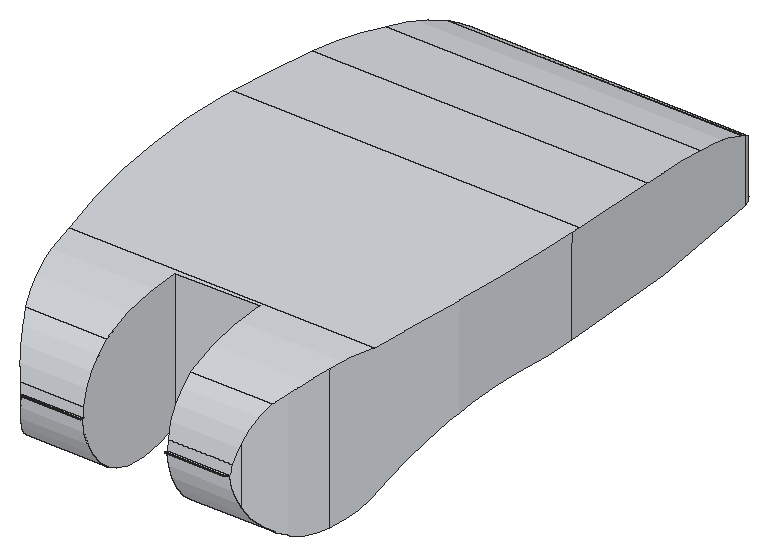
Revit family "Lighting-StreetLighting-GEWISS-STREET[O3]-LED_OPTIC_ST1", category Apparecchi per illuminazione, Revit 2019
Family settings
  Quota connettore circolare = Usa diametro
  Tipo di parte = Normale
  Numero OmniClass = 23.80.70.14.21
  Titolo OmniClass = Street and Roadway Lighting
  Basato su piano di lavoro = No
  Sempre verticale = Sì
  Taglio con vuoti quando caricato = No
  Sorgente d'illuminazione = No
  Condiviso = No
  Punto di calcolo locali = No
Parameters (values of type "GW87411V - STREET LED 2M 4000K 700mA STREET")
  Working temperature = ""
  Weight (kg): = "9,09999999999999"
  Weight (kg) = ""
  Warranty = "5 years"
  Voltaggio = 230 V
  Voltage: = "220/240 V - 50/60 Hz"
  Voltage = "220/240 V - 50/60 Hz - Stand alone e/o Programmabile 5 Step"
  Visibility_label [instance] = yes
  Vetro = GEWISS - Led - lm 650 / Temp_3000_K
  Version type = ""
  Version file RFA = "20.11"
  URL = "https://www.gewiss.com/ww/en"
  Typology = "Programmable (5 step)"
  Tilt adjustable = "±20° bracket - 0°÷20° pole head"
  Technical sheet = "https://www.gewiss.com/ww/en/search?q=GW87411V"
  System power = "68W"
  Struttura = none
  Spostamento_Y_etichetta [instance] = 600 mm
  Spostamento_Y_effettivo_etichetta [instance] = 1500 mm - Spostamento_Y_etichetta  # 900 mm
  Spostamento_X_etichetta [instance] = 0 mm
  Spostamento_X_effettivo_etichetta [instance] = 1500 mm - Spostamento_X_etichetta  # 1500 mm
  Shock resistance = "IK08 BODY - IK06 LENS"
  SIMBOLO [instance] = yes
  SEO = "Street lighting"
  Risk photobiological = ""
  Realized by GEWISS S.p.A. = ""
  Produttore = "GEWISS S.p.A."
  Power supply operation = ""
  Photobiologic Risk = "RG1/RG2 @ 20cm"
  Optic = "ST1 - ULOR: 0%"
  Operating temperature: = "-25 +25 °C"
  Offset etichetta W [instance] = 75 mm
  Numero di poli = 2
  Number of modules = "2 (2x16 LED)"
  Nominal flux (lm) = "8050"
  No. Chorus modules = ""
  Modello = "GW87411V"
  Minimum distance from the illuminated object = "1M"
  Maximum surface exposed to the wind = "0,26M2"
  Material = ""
  Lumen output (lm) = "6760"
  Lampada = "LED"
  Lamp = "LED"
  L_staffa = 120 mm
  LED current = "700 mA"
  LED LifeTime (L80B20) = ""
  LED Life time (L90B20) = "50000H"
  LED Life time (L80B10) = "100000H"
  Insulation class = "II"
  Immagine tipo = GW87502.jpg
  IP degree = "IP66"
  IFC.TypeObject = ""
  IFC.ExportType = ""
  IFC.ExportAs = ""
  IDT = "a85e433dc89b4111a164f9b8ba35bb1e"
  IDF = "e1037118-10e4-4194-a64e-daf49fc1f628"
  Electrocod = "244C"
  ETICHETTA W [instance] = yes
  EAN code = ""
  Driver type = ""
  Descrizione = "STREET LED 2M 4000K 700mA STR"
  Commenti sul wattaggio = "68W"
  Colour temperature: = "4000 K (CRI>70)"
  Colour temperature = ""
  Colour = "Graphite/Aluminium"
  Catalogue Range = "STREET [O3]"
  Catalogue = "LIGHTING"
  Carico apparente = 68 VA
  COBie.Tagnumber = ""
  COBie.CreatedOn = ""
  COBie.CreatebBy = ""
  COBie.ComponentRegisterItemID = ""
  COBie.Component.TagNumber = ""
  COBie.Component.Space = ""
  COBie.Component.SerialNumber = ""
  COBie.Component.InstallationDate = ""
  COBie.Component.Description = ""
  COBie.Component.BarCode = ""
  BIDIMENSIONALE [instance] = not(SIMBOLO)  # no
  Application = "External"
  Altezza da terra testa staffa = 821.938 mm
Types (16, lengths in mm): name | Working temperature | Weight (kg): | Weight (kg) | Voltage | Typology | Technical sheet | System power | Risk photobiological | Power supply operation | Operating temperature: | Number of modules | Nominal flux (lm) | No. Chorus modules | Modello | Material | Lumen output (lm) | LED current | LED LifeTime (L80B20) | IDT | Electrocod | EAN code | Driver type | Descrizione | Commenti sul wattaggio | Colour temperature: | Colour temperature | Carico apparente
  (no name) | "-25 +25 °C" | "9,09999999999999" | "9,1" | "220/240 V - 50/60 Hz - Stand alone e/o Programmabile 5 Step" | "Programmable (5 step)" | "https://www.gewiss.com/ww/en/search?q=GW87411V" | "68W" | "RG1/RG2 @ 20cm" | "Bi power" | "-25 +25 °C" | "2 (2x16 LED)" | "8050" | "2 (2x16 LED)" | "GW87411V" | "Die-cast  aluminium" | "6760" | "700 mA" | "50000H" | "a85e433dc89b4111a164f9b8ba35bb1e" | "244C" | "8011564782914" | "Constant Current Driver Led" | "STREET LED 2M 4000K 700mA STR" | "37W" | "4000 K (CRI>70)" | "4000 K (CRI 70)" | 37 VA
  GW87530 - STREET LED BIREG.1M 4000K 550mA STR | "-25 +25 °C" | "8,5" | "8,5" | "220/240 V - 50/60 Hz - Bi-power with self-learning" | "" | "https://www.gewiss.com/ww/en/search?q=GW87530" | "31W" | "RG1/RG2 @ 20cm" | "Bi power" | "-25 +50 °C" | "1 (1x16 LED)" | "3610" | "1 (1x16 LED)" | "GW87530" | "Die-cast  aluminium" | "3030" | "530mA" | "50000H" | "704c80bb-b6b1-4580-93a7-8014a14138ec" | "244C" | "8011564804661" | "Constant Current Driver Led" | "STREET LED BI-PO. 1M 4000K 530mA STREET" | "31W" | "4000 K (CRI 70)" | "4000 K (CRI 70)" | 31 VA
  GW87531 - STREET LED BIREG.2M 4000K 550mA STR | "-25 +25 °C" | "9,1" | "9,1" | "220/240 V - 50/60 Hz - Bi-power with self-learning" | "" | "https://www.gewiss.com/ww/en/search?q=GW87531" | "54W" | "RG1/RG2 @ 20cm" | "Bi power" | "-25 +50 °C" | "2 (2x16 LED)" | "7020" | "2 (2x16 LED)" | "GW87531" | "Die-cast  aluminium" | "5890" | "530mA" | "50000H" | "9a11030a-5ab3-402b-8889-b9f4a14935c7" | "244C" | "8011564782914" | "Constant Current Driver Led" | "STREET LED BI-PO. 2M 4000K 530mA STREET" | "54W" | "4000 K (CRI 70)" | "4000 K (CRI 70)" | 54 VA
  GW87532 - STREET LED BIREG.3M 4000K 550mA STR | "-25 +25 °C" | "9,7" | "9,7" | "220/240 V - 50/60 Hz - Bi-power with self-learning" | "" | "https://www.gewiss.com/ww/en/search?q=GW87532" | "81W" | "RG1/RG2 @ 20cm" | "Bi power" | "-25 +50 °C" | "3 (3x16 LED)" | "10230" | "3 (3x16 LED)" | "GW87532" | "Die-cast  aluminium" | "8590" | "530mA" | "50000H" | "278f9625-eee6-4d1e-a7bb-31f49519e349" | "244C" | "8011564782921" | "Constant Current Driver Led" | "STREET LED BI-PO. 3M 4000K 530mA STREET" | "81W" | "4000 K (CRI 70)" | "4000 K (CRI 70)" | 81 VA
  GW87533 - STREET LED BIREG.4M 4000K 550mA STR | "-25 +25 °C" | "10,3" | "10,3" | "220/240 V - 50/60 Hz - Bi-power with self-learning" | "" | "https://www.gewiss.com/ww/en/search?q=GW87533" | "105W" | "RG1/RG2 @ 20cm" | "Bi power" | "-25 +50 °C" | "4 (4x16 LED)" | "13400" | "4 (4x16 LED)" | "GW87533" | "Die-cast  aluminium" | "11240" | "530mA" | "50000H" | "94c99bd3-8b41-4316-9f3a-5cd711bbe9f5" | "244C" | "8011564782938" | "Constant Current Driver Led" | "STREET LED BI-PO. 4M 4000K 530mA STREET" | "105W" | "4000 K (CRI 70)" | "4000 K (CRI 70)" | 105 VA
  GW87534 - STREET LED BIREG.5M 4000K 550mA STR | "-25 +25 °C" | "10,9" | "10,9" | "220/240 V - 50/60 Hz - Bi-power with self-learning" | "" | "https://www.gewiss.com/ww/en/search?q=GW87534" | "129W" | "RG1/RG2 @ 20cm" | "Bi power" | "-25 +40 °C" | "5 (5x16 LED)" | "16530" | "5 (5x16 LED)" | "GW87534" | "Die-cast  aluminium" | "13870" | "530mA" | "50000H" | "176caa3e-8e54-4dcd-abaf-3690fde333e9" | "244B" | "8011564782945" | "Constant Current Driver Led" | "STREET LED BI-PO. 5M 4000K 530mA STREET" | "129W" | "4000 K (CRI 70)" | "4000 K (CRI 70)" | 129 VA
  GW87410 - STREET LED 1M 4000K 700mA STREET | "-25 +25 °C" | "8,5" | "8,5" | "220/240 V - 50/60 Hz - Stand alone and/or possibility of dimmer 1-10 V" | "Stand alone" | "https://www.gewiss.com/ww/en/search?q=GW87410" | "37W" | "RG1/RG2 @ 20cm" | "" | "-25 +50 °C" | "1 (1x16 LED)" | "4140" | "1 (1x16 LED)" | "GW87410" | "Die-cast  aluminium" | "3470" | "700 mA" | "50000H" | "0eb2ba41-76d6-4256-843c-fa334829364b" | "244C" | "8011564804654" | "Constant Current Driver Led" | "STREET LED 1M 4000K 700mA STREET" | "37W" | "4000 K (CRI 70)" | "4000 K (CRI 70)" | 37 VA
  GW87411 - STREET LED 2M 4000K 700mA STREET | "-25 +25 °C" | "9,1" | "9,1" | "220/240 V - 50/60 Hz - Stand alone and/or possibility of dimmer 1-10 V" | "Stand alone" | "https://www.gewiss.com/ww/en/search?q=GW87411" | "68W" | "RG1/RG2 @ 20cm" | "" | "-25 +35 °C" | "2 (2x16 LED)" | "8050" | "2 (2x16 LED)" | "GW87411" | "Die-cast  aluminium" | "6760" | "700 mA" | "50000H" | "0d20ab1e-f7dd-4fe1-9e01-046372c4d712" | "244C" | "8011564804647" | "Constant Current Driver Led" | "STREET LED 2M 4000K 700mA STREET" | "68W" | "4000 K (CRI 70)" | "4000 K (CRI 70)" | 68 VA
  GW87412 - STREET LED 3M 4000K 700mA STREET | "-25 +25 °C" | "9,6" | "9,6" | "220/240 V - 50/60 Hz - Stand alone and/or possibility of dimmer 1-10 V" | "Stand alone" | "https://www.gewiss.com/ww/en/search?q=GW87412" | "99W" | "RG1/RG2 @ 20cm" | "" | "-25 +40 °C" | "3 (3x16 LED)" | "11740" | "3 (3x16 LED)" | "GW87412" | "Die-cast  aluminium" | "9860" | "700 mA" | "50000H" | "73ff2801-7b42-4ad3-a3e2-88e1cd993855" | "244C" | "8011564804630" | "Constant Current Driver Led" | "STREET LED 3M 4000K 700mA STREET" | "99W" | "4000 K (CRI 70)" | "4000 K (CRI 70)" | 99 VA
  GW87413 - STREET LED 4M 4000K 700mA STR. | "-25 +25 °C" | "10,3" | "10,3" | "220/240 V - 50/60 Hz - Stand alone and/or possibility of dimmer 1-10 V" | "Stand alone" | "https://www.gewiss.com/ww/en/search?q=GW87413" | "131W" | "RG1/RG2 @ 20cm" | "" | "-25 +35 °C" | "4 (4x16 LED)" | "15370" | "4 (4x16 LED)" | "GW87413" | "Die-cast  aluminium" | "12900" | "700 mA" | "50000H" | "240ae926-2cb6-4c2c-8d22-a09bd239b26e" | "244C" | "8011564830615" | "Constant Current Driver Led" | "STREET LED 4M 4000K 700mA STR." | "131W" | "4000 K (CRI 70)" | "4000 K (CRI 70)" | 131 VA
  GW87414 - STREET ST1 5M 4000K 550mA 220/240 | "-25 +25 °C" | "10,9" | "10,9" | "220/240 V - 50/60 Hz - Stand alone and/or possibility of dimmer 1-10 V" | "Stand alone" | "https://www.gewiss.com/ww/en/search?q=GW87414" | "127W" | "RG1/RG2 @ 20cm" | "" | "-25 +40 °C" | "5 (5x16 LED)" | "16360" | "5 (5x16 LED)" | "GW87414" | "Die-cast  aluminium" | "13740" | "550 mA" | "50000H" | "37fd025e-5d5a-4c23-a839-8a1c9a211543" | "244C" | "8011564863125" | "Constant Current Driver Led" | "STREET ST1 5M 4000K 550mA 220/240" | "127W" | "4000 K (CRI 70)" | "4000 K (CRI 70)" | 127 VA
  GW87410V - STREET LED 1M 4000K 700mA STREET | "" | "8,5" | "" | "220/240 V - 50/60 Hz - Stand alone e/o Programmabile 5 Step" | "Programmable (5 step)" | "https://www.gewiss.com/ww/en/search?q=GW87410V" | "37W" | "" | "" | "-25 +25 °C" | "1 (1x16 LED)" | "4140" | "" | "GW87410V" | "" | "3470" | "700 mA" | "" | "2378d62602804177b999c8f8baab7c78" | "244C" | "" | "" | "STREET LED 1M 4000K 700mA STR" | "37W" | "4000 K (CRI>70)" | "" | 37 VA
  GW87411V - STREET LED 2M 4000K 700mA STREET | "" | "9,09999999999999" | "" | "220/240 V - 50/60 Hz - Stand alone e/o Programmabile 5 Step" | "Programmable (5 step)" | "https://www.gewiss.com/ww/en/search?q=GW87411V" | "68W" | "" | "" | "-25 +25 °C" | "2 (2x16 LED)" | "8050" | "" | "GW87411V" | "" | "6760" | "700 mA" | "" | "a85e433dc89b4111a164f9b8ba35bb1e" | "244C" | "" | "" | "STREET LED 2M 4000K 700mA STR" | "68W" | "4000 K (CRI>70)" | "" | 68 VA
  GW87412V - STREET LED 3M 4000K 700mA STREET | "" | "9,59999999999999" | "" | "220/240 V - 50/60 Hz - Stand alone e/o Programmabile 5 Step" | "Programmable (5 step)" | "https://www.gewiss.com/ww/en/search?q=GW87412V" | "99W" | "" | "" | "-25 +25 °C" | "3 (3x16 LED)" | "11740" | "" | "GW87412V" | "" | "9860" | "700 mA" | "" | "115337da7f8f4d398b2e44fcb901f182" | "244C" | "" | "" | "STREET LED 3M 4000K 700mA STR" | "99W" | "4000 K (CRI>70)" | "" | 99 VA
  GW87413V - STREET LED 4M 4000K 700mA STR. | "" | "10,3" | "" | "220/240 V - 50/60 Hz - Stand alone e/o Programmabile 5 Step" | "Programmable (5 step)" | "https://www.gewiss.com/ww/en/search?q=GW87413V" | "131W" | "" | "" | "-25 +25 °C" | "4 (4x16 LED)" | "15370" | "" | "GW87413V" | "" | "12900" | "700 mA" | "" | "fcd9e29dd29e487688c755e1d68e04a9" | "244C" | "" | "" | "STREET LED 4M 4000K 700mA STR" | "131W" | "4000 K (CRI>70)" | "" | 131 VA
  GW87414V - STREET ST1 5M 4000K 550mA 220/240 | "" | "10,9" | "" | "220/240 V - 50/60 Hz - Stand alone e/o Programmabile 5 Step" | "Programmable (5 step)" | "https://www.gewiss.com/ww/en/search?q=GW87414V" | "127W" | "" | "" | "-25 +25 °C" | "5 (5x16 LED)" | "16360" | "" | "GW87414V" | "" | "13740" | "550 mA" | "" | "3daa950108c94e159b9382b51b9fedeb" | "244C" | "" | "" | "STREET ST1 5M 4000K 550mA 220/240" | "127W" | "4000 K (CRI>70)" | "" | 127 VA
Reference planes
  plane 1 "Centro (Fronte/Retro)": y = 0
  plane 2: z = 0
  plane 3 "Centro (Sinistra/Destra)": x = 0
  plane 4: z = -92
  plane 5: z = 169
  plane 6: z = 144
  plane 7: z = -3
  plane 8: y = 419.266
  plane 9: x = -1500
  plane 10: y = -319.205
  plane 11: y = 1180.795
  plane 12: x = 0
  plane 13: y = 580.795
Forms (mm)
  Extrusion 1, solid, material <- "Struttura"
    sketch origin (0, -69.915, 0) x (1, 0, 0) y (0, 1, 0)
      loop
        arc (-148.369, 708.85) -> (-161.088, 701.122) -> (-167.86, 687.87) r 27.287
        arc (-167.86, 687.87) -> (-190.309, 543.599) -> (-200.613, 397.956) r 1744.28
        arc (-200.613, 397.956) -> (-193.473, 245.187) -> (-163.443, 95.229) r 1014.191
        arc (-163.443, 95.229) -> (-148.364, 53.068) -> (-127.521, 13.439) r 318.465
        arc (-127.521, 13.439) -> (-121.67, 6.813) -> (-113.954, 2.501) r 26.295
        line (-113.954, 2.501) -> (-49.198, 2.501) -> (-49.198, 137.329) -> (47.802, 138.583) -> (47.802, 2.502) -> (113.955, 2.502)
        arc (113.955, 2.502) -> (121.67, 6.814) -> (127.521, 13.439) r 26.295
        arc (127.521, 13.439) -> (148.364, 53.068) -> (163.443, 95.229) r 318.465
        arc (163.443, 95.229) -> (193.473, 245.187) -> (200.613, 397.956) r 1014.191
        arc (200.613, 397.956) -> (190.309, 543.599) -> (167.86, 687.87) r 1744.28
        arc (167.86, 687.87) -> (160.933, 701.288) -> (147.93, 708.968) r 27.287
        arc (147.93, 708.968) -> (-0.228, 728.984) -> (-148.369, 708.85) r 556.679
    from -91.532 to 144
  Extrusion 2, void
    sketch origin (0, -72.415, -1095.365) x (0, 1, 0) y (0, 0, 1)
      loop
        line (688.634, 1095.364) -> (323.86, 1095.365)
        arc (323.86, 1095.365) -> (263.459, 1089.221) -> (205.531, 1071.043) r 299.999
        arc (205.531, 1071.043) -> (173.188, 1054.998) -> (142.802, 1035.498) r 328.156
        arc (142.802, 1035.498) -> (108.513, 1022.814) -> (71.972, 1021.648) r 113.881
        arc (71.972, 1021.648) -> (26.51, 1048.717) -> (8.217, 1098.365) r 79.247
        line (8.217, 1098.365) -> (5.002, 1098.365) -> (5.002, 1003.832) -> (731.484, 1003.832) -> (731.484, 1129.989)
        arc (731.484, 1129.989) -> (729.037, 1130.708) -> (726.583, 1131.409) r 350.56
        arc (726.583, 1131.409) -> (714.803, 1105.812) -> (688.634, 1095.364) r 38
    from -250.415 to 250
  Extrusion 3, void
    sketch origin (0, -72.415, -1094.912) x (0, 1, 0) y (0, 0, 1)
      loop
        line (683.93, 1169.668) -> (687.592, 1167.887)
        arc (687.592, 1167.887) -> (717.132, 1148.356) -> (740.002, 1121.318) r 124.886
        line (740.002, 1121.318) -> (740.002, 1263.912) -> (5.002, 1263.912) -> (5.002, 1098.863) -> (8.572, 1098.863)
        arc (8.572, 1098.863) -> (9.034, 1104.506) -> (9.836, 1110.111) r 93.455
        arc (9.836, 1110.111) -> (20.97, 1140.802) -> (41.983, 1165.79) r 93.455
        arc (41.983, 1165.79) -> (92.961, 1183.825) -> (146.686, 1189.963) r 239.488
        arc (146.686, 1189.963) -> (279.294, 1202.642) -> (412.472, 1205.668) r 1835.264
        arc (412.472, 1205.668) -> (465.948, 1204.556) -> (519.402, 1202.672) r 3708.846
        arc (519.402, 1202.672) -> (564.806, 1199.024) -> (609.805, 1191.96) r 603.307
        arc (609.805, 1191.96) -> (647.763, 1183.793) -> (683.93, 1169.668) r 242.275
    from -220.356 to 250
  Extrusion 4, void
    sketch origin (0, -72.415, 1095.365) x (0, -1, 0) y (1, 0, 0)
      loop
        arc (-616.943, -129.057) -> (-510.953, -137.961) -> (-405.191, -126.663) r 559.959
        arc (-405.191, -126.663) -> (-399.103, -123.067) -> (-396.665, -116.429) r 10.527
        line (-396.665, -116.429) -> (-396.665, 116.23)
        arc (-396.665, 116.23) -> (-399.043, 122.98) -> (-405.188, 126.649) r 10.526
        arc (-405.188, 126.649) -> (-510.973, 137.948) -> (-616.987, 129.035) r 559.959
        arc (-616.987, 129.035) -> (-623.275, 125.395) -> (-625.707, 118.549) r 10.526
        line (-625.707, 118.549) -> (-625.707, -0.007) -> (-625.707, -118.579)
        arc (-625.707, -118.579) -> (-623.256, -125.432) -> (-616.943, -129.057) r 10.527
    from -1098.365 to -1095.365
  Extrusion 5, solid, material "GEWISS - Led - lm 650 / Temp_3000_K" <- "Vetro"
    sketch origin (0, 0, 1095.365) x (0, -1, 0) y (1, 0, 0)
      loop
        arc (-616.943, -129.057) -> (-510.953, -137.961) -> (-405.191, -126.663) r 559.959
        arc (-405.191, -126.663) -> (-399.103, -123.067) -> (-396.665, -116.429) r 10.527
        line (-396.665, -116.429) -> (-396.665, 116.23)
        arc (-396.665, 116.23) -> (-399.043, 122.98) -> (-405.188, 126.649) r 10.526
        arc (-405.188, 126.649) -> (-510.973, 137.948) -> (-616.987, 129.035) r 559.959
        arc (-616.987, 129.035) -> (-623.275, 125.395) -> (-625.707, 118.549) r 10.526
        line (-625.707, 118.549) -> (-625.707, -0.007) -> (-625.707, -118.579)
        arc (-625.707, -118.579) -> (-623.256, -125.432) -> (-616.943, -129.057) r 10.527
    from -1098.365 to -1095.365
Cuts and joins
  Extrusion 2, Extrusion 3, Extrusion 4 cuts Extrusion 1
Lines and regions (mm)
  Masking region 1, visible <- "BIDIMENSIONALE"
    outline origin (0, -72.415, 0) x (1, 0, 0) y (0, 1, 0)
      loop
        arc (-163.443, 97.729) -> (-148.364, 55.568) -> (-127.521, 15.939) r 318.465
        arc (-127.521, 15.939) -> (-121.67, 9.313) -> (-113.954, 5.001) r 26.295
        line (-113.954, 5.001) -> (-49.198, 5.001) -> (-49.198, 139.829) -> (47.802, 139.829) -> (47.802, 5.002) -> (113.955, 5.002)
        arc (113.955, 5.002) -> (121.67, 9.314) -> (127.521, 15.939) r 26.295
        arc (127.521, 15.939) -> (148.364, 55.568) -> (163.443, 97.729) r 318.465
        arc (163.443, 97.729) -> (193.473, 247.687) -> (200.613, 400.456) r 1014.191
        arc (200.613, 400.456) -> (190.309, 546.099) -> (167.86, 690.37) r 1744.28
        arc (167.86, 690.37) -> (160.842, 703.703) -> (147.93, 711.468) r 27.998
        arc (147.93, 711.468) -> (-0.228, 731.484) -> (-148.369, 711.35) r 556.679
        arc (-148.369, 711.35) -> (-161.088, 703.622) -> (-167.86, 690.37) r 27.287
        arc (-167.86, 690.37) -> (-190.309, 546.099) -> (-200.613, 400.456) r 1744.28
        arc (-200.613, 400.456) -> (-193.473, 247.687) -> (-163.443, 97.729) r 1014.191
  Masking region 2
    outline origin (0, -72.545, -1094.686) x (0, 1, 0) y (0, 0, 1)
      loop
        arc (146.678, 1189.752) -> (92.968, 1183.62) -> (42.003, 1165.593) r 239.388
        arc (42.003, 1165.593) -> (17.129, 1133.1) -> (8.538, 1093.092) r 93.371
        arc (8.538, 1093.092) -> (28.285, 1046.725) -> (72.004, 1021.656) r 79.204
        arc (72.004, 1021.656) -> (108.532, 1022.824) -> (142.809, 1035.504) r 113.874
        arc (142.809, 1035.504) -> (173.192, 1055.002) -> (205.533, 1071.045) r 328.156
        arc (205.533, 1071.045) -> (263.46, 1089.224) -> (323.86, 1095.365) r 300
        line (323.86, 1095.365) -> (688.69, 1095.282)
        arc (688.69, 1095.282) -> (714.934, 1105.712) -> (726.783, 1131.346) r 38.09
        arc (726.783, 1131.346) -> (729.601, 1130.541) -> (732.412, 1129.712) r 350.561
        line (732.412, 1129.712) -> (732.412, 1132.115)
        arc (732.412, 1132.115) -> (711.661, 1152.795) -> (686.665, 1168.075) r 124.961
        arc (686.665, 1168.075) -> (649.207, 1183.125) -> (609.77, 1191.744) r 242.182
        arc (609.77, 1191.744) -> (564.763, 1198.81) -> (519.352, 1202.46) r 603.199
        arc (519.352, 1202.46) -> (465.907, 1204.343) -> (412.44, 1205.455) r 3708.739
        arc (412.44, 1205.455) -> (279.274, 1202.429) -> (146.678, 1189.752) r 1835.158
  Masking region 3
    outline origin (8.627, 0, -1134.912) x (1, 0, 0) y (0, 0, 1)
      loop
        line (192.476, 1238.912) -> (-209.73, 1238.912) -> (-209.73, 1128.94) -> (192.476, 1128.94) -> (192.476, 1238.912)
  Masking region 4
    outline origin (8.627, 0, -1134.912) x (1, 0, 0) y (0, 0, 1)
      loop
        line (40.177, 1054.764) -> (154.67, 1054.764)
        spline (154.67, 1054.764) -> (155.761, 1055.195) -> (156.835, 1055.768) -> (157.89, 1056.482) -> (158.925, 1057.336) -> (159.938, 1058.329) -> (160.929, 1059.461) -> (161.895, 1060.729) -> (162.837, 1062.133) -> (163.752, 1063.67) -> (164.64, 1065.338) -> (165.5, 1067.137) -> (166.33, 1069.062)
        spline (166.33, 1069.062) -> (167.462, 1072.523) -> (168.578, 1075.894) -> (169.677, 1079.177) -> (170.758, 1082.368) -> (171.821, 1085.469) -> (172.866, 1088.476) -> (173.892, 1091.39) -> (174.899, 1094.209) -> (175.887, 1096.933) -> (176.855, 1099.56) -> (177.804, 1102.09) -> (178.732, 1104.522)
        spline (178.732, 1104.522) -> (180.252, 1108.31) -> (181.691, 1111.791) -> (183.045, 1114.959) -> (184.314, 1117.812) -> (185.495, 1120.345) -> (186.588, 1122.556) -> (187.59, 1124.443) -> (188.502, 1126.002) -> (189.321, 1127.233) -> (190.048, 1128.133) -> (190.68, 1128.703) -> (191.218, 1128.94)
        line (191.218, 1128.94) -> (-208.472, 1128.94)
        spline (-208.472, 1128.94) -> (-207.934, 1128.703) -> (-207.302, 1128.133) -> (-206.576, 1127.233) -> (-205.756, 1126.002) -> (-204.845, 1124.443) -> (-203.842, 1122.556) -> (-202.749, 1120.345) -> (-201.568, 1117.812) -> (-200.299, 1114.959) -> (-198.945, 1111.791) -> (-197.507, 1108.31) -> (-195.986, 1104.522)
        spline (-195.986, 1104.522) -> (-195.058, 1102.09) -> (-194.11, 1099.56) -> (-193.141, 1096.933) -> (-192.154, 1094.209) -> (-191.146, 1091.39) -> (-190.12, 1088.476) -> (-189.075, 1085.469) -> (-188.012, 1082.368) -> (-186.931, 1079.177) -> (-185.833, 1075.894) -> (-184.717, 1072.523) -> (-183.584, 1069.062)
        spline (-183.584, 1069.062) -> (-182.754, 1067.137) -> (-181.894, 1065.338) -> (-181.006, 1063.67) -> (-180.091, 1062.133) -> (-179.149, 1060.729) -> (-178.183, 1059.461) -> (-177.192, 1058.329) -> (-176.179, 1057.336) -> (-175.144, 1056.482) -> (-174.09, 1055.768) -> (-173.016, 1055.195) -> (-171.924, 1054.764)
        line (-171.924, 1054.764) -> (-57.137, 1054.764)
        spline (-57.137, 1054.764) -> (-56.842, 1056.88) -> (-56.499, 1058.959) -> (-56.108, 1061.001) -> (-55.669, 1063.006) -> (-55.182, 1064.973) -> (-54.647, 1066.901) -> (-54.065, 1068.79) -> (-53.435, 1070.639) -> (-52.758, 1072.447) -> (-52.035, 1074.215) -> (-51.264, 1075.941) -> (-50.447, 1077.625)
        spline (-50.447, 1077.625) -> (-50.128, 1077.871) -> (-49.763, 1078.104) -> (-49.354, 1078.324) -> (-48.904, 1078.529) -> (-48.416, 1078.718) -> (-47.893, 1078.889) -> (-47.339, 1079.042) -> (-46.755, 1079.176) -> (-46.148, 1079.289) -> (-45.519, 1079.381) -> (-44.873, 1079.452) -> (-44.213, 1079.5)
        line (-44.213, 1079.5) -> (-40.396, 1079.969)
        spline (-40.396, 1079.969) -> (-34.763, 1080.142) -> (-29.125, 1080.276) -> (-23.483, 1080.372) -> (-17.839, 1080.43) -> (-12.194, 1080.449) -> (-6.548, 1080.429) -> (-0.904, 1080.371) -> (4.738, 1080.274) -> (10.375, 1080.138) -> (16.008, 1079.964) -> (21.635, 1079.751) -> (27.253, 1079.5)
        spline (27.253, 1079.5) -> (27.913, 1079.452) -> (28.559, 1079.381) -> (29.188, 1079.289) -> (29.795, 1079.176) -> (30.379, 1079.042) -> (30.933, 1078.889) -> (31.456, 1078.718) -> (31.944, 1078.529) -> (32.394, 1078.324) -> (32.803, 1078.104) -> (33.168, 1077.871) -> (33.487, 1077.625)
        spline (33.487, 1077.625) -> (34.304, 1075.941) -> (35.075, 1074.215) -> (35.798, 1072.447) -> (36.475, 1070.639) -> (37.105, 1068.79) -> (37.687, 1066.901) -> (38.222, 1064.973) -> (38.709, 1063.006) -> (39.148, 1061.001) -> (39.539, 1058.959) -> (39.882, 1056.88) -> (40.177, 1054.764)
  symbolic lines, style "InvisibleLines"
    curve 1: line (-0.698, -20, 1095.365) -> (-0.698, 15, 1095.365)
    curve 2: line (35.7, 0, 1095.365) -> (-29.3, 0, 1095.365)
Dimensions and locks
  locked: level to plane 4 at 92
  locked: level to plane 7 at 3
  plane 9 to plane 3 "Centro (Sinistra/Destra)" = 1500 mm
  plane 11 to plane 10 = 1500 mm
  "Spostamento_X_effettivo_etichetta": plane 9 to plane 12
  "Spostamento_Y_effettivo_etichetta": plane 13 to plane 10
  aligned and locked: level to plane 2
  aligned and locked: Extrusion 1 to Extrusion 2
  aligned and locked: plane 6 to Extrusion 1
  aligned and locked: Extrusion 5 to level
  aligned and locked: Extrusion 5 to plane 7
  aligned and locked: Extrusion 4 to plane 7
  aligned and locked: level to Extrusion 4
  aligned and locked: nested 1 to plane 3 "Centro (Sinistra/Destra)"
  aligned and locked: nested 1 to plane 1 "Centro (Fronte/Retro)"
  aligned and locked: nested 2 to plane 12
  aligned and locked: nested 2 to plane 13
Automatic sketch dimensions
  Extrusion 1 sketch curve to plane 9 = 42.945 mm
  plane 9 to Extrusion 1 sketch curve = 686.842 mm
  Extrusion 1 sketch curve to plane 3 "Centro (Sinistra/Destra)" = 143.219 mm
  Extrusion 1 sketch curve to plane 3 "Centro (Sinistra/Destra)" = 141.097 mm
  Extrusion 1 sketch curve to plane 3 "Centro (Sinistra/Destra)" = 113.954 mm
  Extrusion 1 sketch curve to Extrusion 1 sketch curve = 8.788 mm  (x2)
  Extrusion 1 sketch curve to plane 3 "Centro (Sinistra/Destra)" = 49.198 mm
  Extrusion 1 sketch curve to plane 3 "Centro (Sinistra/Destra)" = 0.007 mm
  plane 3 "Centro (Sinistra/Destra)" to Extrusion 1 sketch curve = 47.802 mm
  Extrusion 1 sketch curve to Extrusion 1 sketch curve = 57.365 mm
  plane 3 "Centro (Sinistra/Destra)" to Extrusion 1 sketch curve = 141.097 mm
  Extrusion 1 sketch curve to Extrusion 1 sketch curve = 95.417 mm
  Extrusion 1 sketch curve to Extrusion 1 sketch curve = 669.939 mm
  Extrusion 1 sketch curve to Extrusion 1 sketch curve = 729.787 mm
  Extrusion 1 sketch curve to plane 1 "Centro (Fronte/Retro)" = 111.213 mm  (x2)
  Extrusion 1 sketch curve to plane 1 "Centro (Fronte/Retro)" = 102.39 mm
  Extrusion 1 sketch curve to Extrusion 1 sketch curve = 33.723 mm
  Extrusion 1 sketch curve to Extrusion 1 sketch curve = 34.976 mm
  plane 1 "Centro (Fronte/Retro)" to Extrusion 1 sketch curve = 42.631 mm  (x2)
  Extrusion 1 sketch curve to Extrusion 1 sketch curve = 24.783 mm  (x2)
  plane 8 to Extrusion 1 sketch curve = 193.368 mm  (x2)
  Extrusion 1 sketch curve to Extrusion 1 sketch curve = 0 mm  (x7)
  Extrusion 1 sketch curve to Extrusion 1 sketch curve = 6.833 mm
  plane 4 to Extrusion 2 sketch curve = 0.468 mm
  plane 1 "Centro (Fronte/Retro)" to Extrusion 2 sketch curve = 67.414 mm
  Extrusion 2 sketch curve to Extrusion 2 sketch curve = 3.216 mm
  Extrusion 2 sketch curve to plane 1 "Centro (Fronte/Retro)" = 14.245 mm
  level to Extrusion 2 sketch curve = 4.003 mm
  Extrusion 2 sketch curve to plane 1 "Centro (Fronte/Retro)" = 15.042 mm
  plane 8 to Extrusion 2 sketch curve = 139.82 mm
  Extrusion 2 sketch curve to level = 0 mm
  plane 8 to Extrusion 2 sketch curve = 196.952 mm
  Extrusion 2 sketch curve to Extrusion 2 sketch curve = 0 mm  (x3)
  Extrusion 2 sketch curve to Extrusion 2 sketch curve = 42.851 mm
  Extrusion 2 sketch curve to plane 4 = 207.999 mm
  Extrusion 2 sketch curve to plane 4 = 209.374 mm
  Extrusion 2 sketch curve to Extrusion 2 sketch curve = 25.874 mm
  level to Extrusion 2 sketch curve = 3 mm
  level to Extrusion 2 sketch curve = 34.625 mm
  level to Extrusion 2 sketch curve = 38 mm
  Extrusion 2 sketch curve to Extrusion 2 sketch curve = 35.21 mm
  plane 1 "Centro (Fronte/Retro)" to Extrusion 2 sketch curve = 0.443 mm
  plane 4 to Extrusion 2 sketch curve = 32.133 mm
  level to Extrusion 2 sketch curve = 0 mm
  Extrusion 3 sketch curve to Extrusion 3 sketch curve = 0 mm  (x4)
  Extrusion 3 sketch curve to plane 5 = 0 mm
  plane 1 "Centro (Fronte/Retro)" to Extrusion 3 sketch curve = 67.414 mm
  Extrusion 3 sketch curve to Extrusion 3 sketch curve = 3.571 mm
  Extrusion 3 sketch curve to level = 0.838 mm
  Extrusion 3 sketch curve to plane 1 "Centro (Fronte/Retro)" = 29.489 mm
  Extrusion 3 sketch curve to plane 1 "Centro (Fronte/Retro)" = 74.419 mm
  plane 8 to Extrusion 3 sketch curve = 2.133 mm
  Extrusion 3 sketch curve to plane 4 = 51.129 mm
  plane 8 to Extrusion 3 sketch curve = 86.306 mm
  Extrusion 3 sketch curve to plane 7 = 36.913 mm
  Extrusion 3 sketch curve to Extrusion 3 sketch curve = 56.191 mm
  Extrusion 3 sketch curve to plane 6 = 69.245 mm
  Extrusion 3 sketch curve to Extrusion 3 sketch curve = 49.751 mm
  Extrusion 3 sketch curve to plane 6 = 71.025 mm
  Extrusion 3 sketch curve to Extrusion 3 sketch curve = 3.662 mm
  Extrusion 3 sketch curve to Extrusion 3 sketch curve = 52.41 mm
  Extrusion 3 sketch curve to plane 4 = 52.437 mm
  Extrusion 3 sketch curve to Extrusion 3 sketch curve = 351.876 mm
  Extrusion 3 sketch curve to Extrusion 3 sketch curve = 1229.335 mm
  Extrusion 3 sketch curve to Extrusion 3 sketch curve = 1873.409 mm
  level to Extrusion 3 sketch curve = 3.951 mm
  Extrusion 3 sketch curve to Extrusion 3 sketch curve = 1.263 mm
  plane 1 "Centro (Fronte/Retro)" to Extrusion 3 sketch curve = 30.433 mm
  Extrusion 3 sketch curve to plane 6 = 48.949 mm
  plane 8 to Extrusion 4 sketch curve = 134.026 mm
  Extrusion 4 sketch curve to Extrusion 4 sketch curve = 10.525 mm
  Extrusion 4 sketch curve to Extrusion 4 sketch curve = 10.526 mm  (x3)
  plane 8 to Extrusion 4 sketch curve = 25.6 mm  (x2)
  Extrusion 4 sketch curve to plane 3 "Centro (Sinistra/Destra)" = 421.976 mm
  Extrusion 4 sketch curve to plane 3 "Centro (Sinistra/Destra)" = 118.679 mm
  Extrusion 4 sketch curve to Extrusion 4 sketch curve = 0.1 mm
  Extrusion 4 sketch curve to plane 3 "Centro (Sinistra/Destra)" = 116.429 mm
  Extrusion 4 sketch curve to Extrusion 4 sketch curve = 0.101 mm
  Extrusion 4 sketch curve to plane 3 "Centro (Sinistra/Destra)" = 0.007 mm
  plane 3 "Centro (Sinistra/Destra)" to Extrusion 4 sketch curve = 116.23 mm
  Extrusion 4 sketch curve to Extrusion 4 sketch curve = 0.086 mm
  plane 3 "Centro (Sinistra/Destra)" to Extrusion 4 sketch curve = 118.549 mm
  Extrusion 4 sketch curve to Extrusion 4 sketch curve = 0.116 mm
  Extrusion 4 sketch curve to Extrusion 4 sketch curve = 303.297 mm
  Extrusion 4 sketch curve to Extrusion 4 sketch curve = 1.805 mm
  Extrusion 4 sketch curve to Extrusion 4 sketch curve = 1.762 mm
  plane 8 to Extrusion 5 sketch curve = 206.441 mm
  Extrusion 5 sketch curve to Extrusion 5 sketch curve = 10.525 mm
  Extrusion 5 sketch curve to Extrusion 5 sketch curve = 10.526 mm  (x2)
  plane 8 to Extrusion 5 sketch curve = 98.015 mm  (x2)
  Extrusion 5 sketch curve to plane 8 = 12.075 mm
  Extrusion 5 sketch curve to plane 8 = 12.076 mm
  Extrusion 5 sketch curve to plane 3 "Centro (Sinistra/Destra)" = 421.976 mm
  Extrusion 5 sketch curve to plane 3 "Centro (Sinistra/Destra)" = 118.679 mm
  Extrusion 5 sketch curve to Extrusion 5 sketch curve = 0.1 mm
  Extrusion 5 sketch curve to plane 3 "Centro (Sinistra/Destra)" = 116.429 mm
  Extrusion 5 sketch curve to Extrusion 5 sketch curve = 0.101 mm
  Extrusion 5 sketch curve to plane 3 "Centro (Sinistra/Destra)" = 0.007 mm
  plane 3 "Centro (Sinistra/Destra)" to Extrusion 5 sketch curve = 116.23 mm
  Extrusion 5 sketch curve to Extrusion 5 sketch curve = 0.086 mm
  plane 3 "Centro (Sinistra/Destra)" to Extrusion 5 sketch curve = 118.549 mm
  Extrusion 5 sketch curve to Extrusion 5 sketch curve = 0.116 mm
  Extrusion 5 sketch curve to Extrusion 5 sketch curve = 303.297 mm
  Extrusion 5 sketch curve to Extrusion 5 sketch curve = 1.805 mm
  Extrusion 5 sketch curve to Extrusion 5 sketch curve = 1.762 mm
  plane 1 "Centro (Fronte/Retro)" to curve 2 = 0 mm
  curve 2 to plane 3 "Centro (Sinistra/Destra)" = 29.3 mm
  curve 1 to plane 3 "Centro (Sinistra/Destra)" = 0.698 mm
  curve 1 to plane 1 "Centro (Fronte/Retro)" = 15 mm
  plane 1 "Centro (Fronte/Retro)" to curve 1 = 20 mm
  plane 3 "Centro (Sinistra/Destra)" to curve 2 = 35.7 mm
  Masking region 1 sketch curve to plane 9 = 42.945 mm
  plane 9 to Masking region 1 sketch curve = 686.842 mm
  Masking region 1 sketch curve to plane 3 "Centro (Sinistra/Destra)" = 143.219 mm
  Masking region 1 sketch curve to plane 3 "Centro (Sinistra/Destra)" = 141.097 mm
  Masking region 1 sketch curve to plane 3 "Centro (Sinistra/Destra)" = 113.954 mm
  Masking region 1 sketch curve to Masking region 1 sketch curve = 8.788 mm  (x2)
  Masking region 1 sketch curve to plane 3 "Centro (Sinistra/Destra)" = 49.198 mm
  Masking region 1 sketch curve to plane 3 "Centro (Sinistra/Destra)" = 0.007 mm
  plane 3 "Centro (Sinistra/Destra)" to Masking region 1 sketch curve = 47.802 mm
  Masking region 1 sketch curve to Masking region 1 sketch curve = 57.365 mm
  plane 3 "Centro (Sinistra/Destra)" to Masking region 1 sketch curve = 140.49 mm
  Masking region 1 sketch curve to Masking region 1 sketch curve = 95.417 mm
  Masking region 1 sketch curve to Masking region 1 sketch curve = 669.939 mm
  Masking region 1 sketch curve to Masking region 1 sketch curve = 729.787 mm
  Masking region 1 sketch curve to plane 1 "Centro (Fronte/Retro)" = 111.213 mm  (x2)
  Masking region 1 sketch curve to plane 1 "Centro (Fronte/Retro)" = 102.39 mm
  Masking region 1 sketch curve to Masking region 1 sketch curve = 34.976 mm
  plane 1 "Centro (Fronte/Retro)" to Masking region 1 sketch curve = 42.631 mm  (x2)
  Masking region 1 sketch curve to Masking region 1 sketch curve = 24.783 mm  (x2)
  plane 8 to Masking region 1 sketch curve = 192.794 mm
  plane 8 to Masking region 1 sketch curve = 193.368 mm
  Masking region 1 sketch curve to Masking region 1 sketch curve = 0 mm  (x7)
  Masking region 1 sketch curve to Masking region 1 sketch curve = 27.371 mm
  Masking region 2 sketch curve to plane 1 "Centro (Fronte/Retro)" = 14.129 mm
  level to Masking region 2 sketch curve = 4.643 mm
  Masking region 2 sketch curve to plane 1 "Centro (Fronte/Retro)" = 14.951 mm
  Masking region 2 sketch curve to level = 0.715 mm
  Masking region 2 sketch curve to Masking region 2 sketch curve = 14.409 mm
  Masking region 2 sketch curve to plane 1 "Centro (Fronte/Retro)" = 74.257 mm
  plane 8 to Masking region 2 sketch curve = 1.96 mm
  plane 8 to Masking region 2 sketch curve = 86.148 mm
  plane 8 to Masking region 2 sketch curve = 140.066 mm
  Masking region 2 sketch curve to plane 7 = 37.134 mm
  Masking region 2 sketch curve to Masking region 2 sketch curve = 56.477 mm
  level to Masking region 2 sketch curve = 0.596 mm
  Masking region 2 sketch curve to Masking region 2 sketch curve = 54.254 mm
  Masking region 2 sketch curve to Masking region 2 sketch curve = 0.057 mm
  Masking region 2 sketch curve to Masking region 2 sketch curve = 43.665 mm
  Masking region 2 sketch curve to plane 4 = 51.025 mm
  Masking region 2 sketch curve to plane 4 = 52.322 mm
  Masking region 2 sketch curve to plane 4 = 207.319 mm
  Masking region 2 sketch curve to Masking region 2 sketch curve = 157.784 mm
  Masking region 2 sketch curve to Masking region 2 sketch curve = 25.873 mm
  Masking region 2 sketch curve to Masking region 2 sketch curve = 169.691 mm
  Masking region 2 sketch curve to Masking region 2 sketch curve = 1229.338 mm
  Masking region 2 sketch curve to Masking region 2 sketch curve = 1873.408 mm
  level to Masking region 2 sketch curve = 35.026 mm
  Masking region 2 sketch curve to Masking region 2 sketch curve = 2.403 mm
  Masking region 2 sketch curve to Masking region 2 sketch curve = 38.09 mm
  Masking region 2 sketch curve to Masking region 2 sketch curve = 35.251 mm
  plane 1 "Centro (Fronte/Retro)" to Masking region 2 sketch curve = 0.541 mm
  plane 1 "Centro (Fronte/Retro)" to Masking region 2 sketch curve = 30.542 mm
  plane 7 to Masking region 2 sketch curve = 1.406 mm
  plane 1 "Centro (Fronte/Retro)" to Masking region 2 sketch curve = 64.007 mm
  plane 4 to Masking region 2 sketch curve = 32.818 mm
  Masking region 2 sketch curve to plane 6 = 48.934 mm
  Masking region 2 sketch curve to plane 7 = 20.641 mm
  level to Masking region 2 sketch curve = 0.679 mm
  Masking region 2 sketch curve to Masking region 2 sketch curve = 0.001 mm
  Masking region 2 sketch curve to Masking region 2 sketch curve = 0 mm  (x2)
  Masking region 2 sketch curve to Masking region 2 sketch curve = 90.417 mm
  Masking region 3 sketch curve to plane 6 = 40 mm
  Masking region 3 sketch curve to plane 3 "Centro (Sinistra/Destra)" = 201.103 mm
  Masking region 3 sketch curve to plane 7 = 2.973 mm
  plane 3 "Centro (Sinistra/Destra)" to Masking region 3 sketch curve = 201.103 mm
  Masking region 4 sketch curve to plane 7 = 2.973 mm
  Masking region 4 sketch curve to plane 3 "Centro (Sinistra/Destra)" = 199.845 mm
  plane 4 to Masking region 4 sketch curve = 11.852 mm  (x2)
  Masking region 4 sketch curve to Masking region 4 sketch curve = 36.548 mm  (x2)
  Masking region 4 sketch curve to plane 3 "Centro (Sinistra/Destra)" = 48.51 mm
  Masking region 4 sketch curve to Masking region 4 sketch curve = 12.924 mm
  Masking region 4 sketch curve to Masking region 4 sketch curve = 3.818 mm
  plane 3 "Centro (Sinistra/Destra)" to Masking region 4 sketch curve = 48.804 mm
  Masking region 4 sketch curve to Masking region 4 sketch curve = 114.493 mm
  Masking region 4 sketch curve to Masking region 4 sketch curve = 24.736 mm
  Masking region 4 sketch curve to Masking region 4 sketch curve = 0.468 mm
  Masking region 4 sketch curve to Masking region 4 sketch curve = 0.272 mm  (x2)
  Masking region 4 sketch curve to plane 7 = 0.024 mm  (x2)
  Masking region 4 sketch curve to Masking region 4 sketch curve = 2.543 mm  (x2)
  Masking region 4 sketch curve to Masking region 4 sketch curve = 12.486 mm  (x2)
  Masking region 4 sketch curve to Masking region 4 sketch curve = 11.66 mm  (x2)
  Masking region 4 sketch curve to Masking region 4 sketch curve = 1.947 mm  (x2)
  level to Masking region 4 sketch curve = 37.53 mm  (x2)
  Masking region 4 sketch curve to Masking region 4 sketch curve = 50.039 mm  (x2)
  Masking region 4 sketch curve to plane 3 "Centro (Sinistra/Destra)" = 125.485 mm
  Masking region 4 sketch curve to Masking region 4 sketch curve = 6.582 mm  (x2)
  Masking region 4 sketch curve to Masking region 4 sketch curve = 10.998 mm
  Masking region 4 sketch curve to Masking region 4 sketch curve = 7.102 mm
  Masking region 4 sketch curve to Masking region 4 sketch curve = 0.868 mm  (x2)
  Masking region 4 sketch curve to Masking region 4 sketch curve = 1.444 mm  (x2)
  Masking region 4 sketch curve to Masking region 4 sketch curve = 1.363 mm
  Masking region 4 sketch curve to plane 3 "Centro (Sinistra/Destra)" = 3.617 mm
  plane 3 "Centro (Sinistra/Destra)" to Masking region 4 sketch curve = 30.7 mm
  Masking region 4 sketch curve to Masking region 4 sketch curve = 3.736 mm
  Masking region 4 sketch curve to Masking region 4 sketch curve = 6.234 mm
  plane 3 "Centro (Sinistra/Destra)" to Masking region 4 sketch curve = 108.199 mm
  Masking region 4 sketch curve to Masking region 4 sketch curve = 10.704 mm
  Masking region 4 sketch curve to Masking region 4 sketch curve = 199.178 mm
  Masking region 4 sketch curve to Masking region 4 sketch curve = 92.57 mm  (x2)
  Masking region 4 sketch curve to Masking region 4 sketch curve = 31.929 mm
  Extrusion 1 sketch curve to plane 8 = 141.394 mm  (x2)
  Extrusion 1 sketch curve to plane 1 "Centro (Fronte/Retro)" = 298.871 mm  (x2)
  Extrusion 1 sketch curve to plane 8 = 91.226 mm
  Extrusion 2 sketch curve to plane 8 = 167.822 mm
  Extrusion 2 sketch curve to Extrusion 2 sketch curve = 11.106 mm
  Extrusion 2 sketch curve to Extrusion 2 sketch curve = 118.329 mm
  Extrusion 3 sketch curve to plane 1 "Centro (Fronte/Retro)" = 289.683 mm
  Extrusion 3 sketch curve to plane 1 "Centro (Fronte/Retro)" = 315.13 mm
  Extrusion 4 sketch curve to Extrusion 4 sketch curve = 207.99 mm
  Masking region 1 sketch curve to plane 8 = 141.394 mm  (x2)
  Masking region 1 sketch curve to plane 1 "Centro (Fronte/Retro)" = 298.871 mm  (x2)
  Masking region 1 sketch curve to Masking region 1 sketch curve = 57.394 mm
  Masking region 2 sketch curve to plane 8 = 167.951 mm
  Masking region 2 sketch curve to Masking region 2 sketch curve = 11.108 mm
  Masking region 2 sketch curve to plane 1 "Centro (Fronte/Retro)" = 289.523 mm
  Masking region 2 sketch curve to plane 1 "Centro (Fronte/Retro)" = 314.97 mm
  Masking region 2 sketch curve to Masking region 2 sketch curve = 118.327 mm
Nested families
  nested 1: "STRADALELED" at (-143.59, 271.738, 0) x (0, -1, 0) z (0, 0, 1), visible <- "SIMBOLO", type "STRADALELED"
  nested 2: "ETICHETTA LIGHT" at (0, 580.795, 0), visible <- "Visibility_label", type "ETICHETTA LIGHT"
Connectors
  electrical at (-0.03, 523.862, 0), driven by "Carico apparente"
    settings: on Extrusion 5, index 1, voltage 230 V, apparent load 0 VA, apparent load phase1 68 VA, apparent load phase2 0 VA, apparent load phase3 0 VA, power factor 1, load classification "Altro", number of poles 2, system type 31, power factor state 1, is connector primary yes, connector utility no, sub classification motor no, connector description ""
Definition of nested family "STRADALELED"
  Reference planes
    plane 1 "Centro (Fronte/Retro)": y = 0
    plane 2: z = 0
    plane 3 "Centro (Sinistra/Destra)": x = 0
  Lines and regions (mm)
    detail lines, in view "Livello rif."
      curve 1: line (112.763, 97.281, 0) -> (20.304, 143.313, 0)
      curve 2: line (20.304, 143.313, 0) -> (112.763, 189.899, 0)
      curve 3: line (112.763, 189.899, 0) -> (112.763, 97.281, 0)
      curve 4: line (20.304, 189.622, 0) -> (20.304, 97.004, 0)
      curve 5: line (20.304, 143.313, 0) -> (-33.761, 143.313, 0)
      curve 6: line (112.763, 143.59, 0) -> (152.686, 143.59, 0)
      curve 7: line (271.738, 0.198, 0) -> (20.304, 0.198, 0)
      curve 8: line (20.304, 0.198, 0) -> (-235.046, 32.396, 0)
      curve 9: line (-235.046, 32.396, 0) -> (-235.046, 143.313, 0)
      curve 10: line (-235.046, 143.313, 0) -> (-235.046, 254.23, 0)
      curve 11: line (-235.046, 254.23, 0) -> (20.304, 285.913, 0)
      curve 12: line (20.304, 285.913, 0) -> (271.738, 285.913, 0)
      curve 13: line (271.738, 285.913, 0) -> (271.738, 0.198, 0)
      curve 14: line (-47.375, 249.631, 0) -> (165.26, 249.631, 0)
      curve 15: line (165.26, 249.631, 0) -> (165.26, 36.995, 0)
      curve 16: line (165.26, 36.995, 0) -> (-47.375, 36.995, 0)
      curve 17: line (-47.375, 36.995, 0) -> (-47.375, 249.631, 0)
Definition of nested family "ETICHETTA LIGHT"
  Parameters (values of type "ETICHETTA LIGHT")
    COMMENTI = ""
  Reference planes
    plane 1: y = 0
    plane 2: x = 0
  Text (mm)
    label "COMMENTI" at (-0.057, 0.105, 0), shows "COMMENTI"
